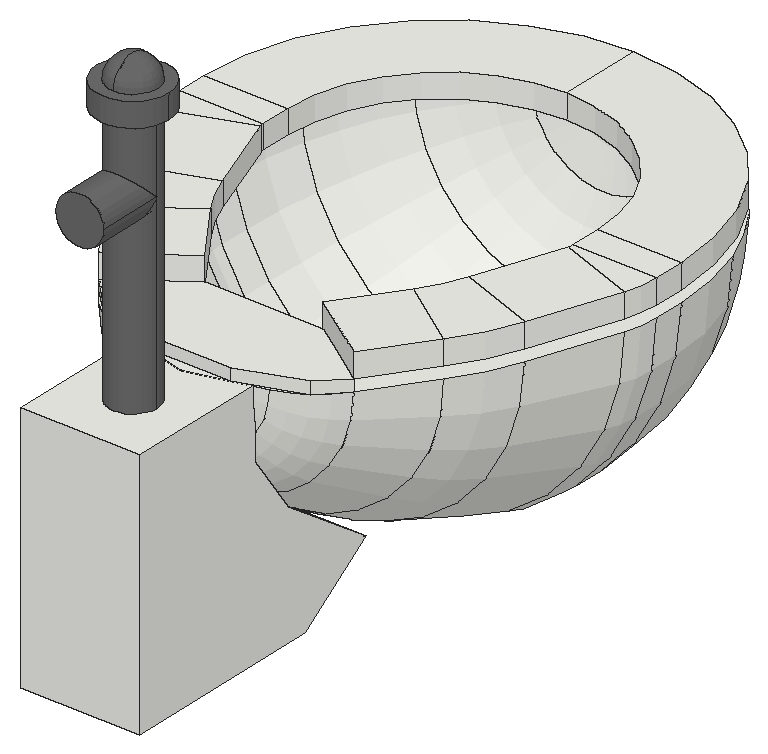
Revit family "Toilet-Commercial-Wall-3D2", category Plumbing Fixtures, host Wall, Revit 2013
Parameters (values of type "15" Seat Height")
  Assembly Code = "D2010110"
  Mounting Height = 1' - 3"
  Piping Material = Metal - Steel, Polished
  Toilet - Bowl Material = Porcelain - Ivory
  Toilet - Seat Material = Laminate - Ivory, Matte
Types (2): name | Mounting Height
  15" Seat Height | 1' - 3"
  19" Seat Height | 1' - 7"
Reference planes (in)
  plane 1: y = 0
  plane 2: x = 15.94107
  plane 3: y = 2
  plane 4: y = 32
  plane 5: z = 13.5
  plane 6: y = 21
  plane 7: y = 11
  plane 8: z = 15
  plane 9: z = 25.5
  plane 10: y = 4.77698
  plane 11: z = 0
Forms (in)
  Extrusion 1, solid, material "Porcelain - Ivory" <- "Toilet - Bowl Material"
    sketch origin (15.94107, 0, 0) x (0, -1, 0) y (0, 0, 1)
      loop
        line (-2, 13.5) -> (-8.0159, 13.5) -> (-8.0159, 10.60222) -> (-9.73663, 8.14477) -> (-13.83239, 5.27688) -> (-10.6632, 3) -> (-2, 3) -> (-2, 13.5)
    from -2.5 to 2.5
  Extrusion 2, solid, material "Metal - Steel, Polished" <- "Piping Material"
    sketch origin (13.44107, 2, 13.5) x (1, 0, 0) y (0, 1, 0)
      loop
        circle (2.5, 2.77698) r 1
    from 0 to 11
  Extrusion 3, solid, material "Metal - Steel, Polished" <- "Piping Material"
    sketch origin (0, 2, 0) x (1, 0, 0) y (0, 0, 1)
      loop
        circle (15.94107, 21.42564) r 1
    from 0 to -2.78125
  Extrusion 4, solid, material "Metal - Steel, Polished" <- "Piping Material"
    sketch origin (13.44107, 2, 24.5) x (1, 0, 0) y (0, 1, 0)
      loop
        circle (2.5, 2.77698) r 1.5
    from 0 to 1
  Revolve 5, solid, material "Metal - Steel, Polished" <- "Piping Material"
    sketch origin (15.94107, 0, 0) x (0, -1, 0) y (0, 0, 1)
      loop
        line (-5.78555, 25.5) -> (-4.77698, 25.5) -> (-4.77698, 26.50857)
        arc (-4.77698, 26.50857) -> (-5.49014, 26.21316) -> (-5.78555, 25.5) r 1.00857
      axis (-4.77698, 25.5) -> (-4.77698, 26.50857)
    angle from 0 to 360
  Revolve 6, solid, material "Porcelain - Ivory" <- "Toilet - Bowl Material"
    sketch origin (0, 0, 13.5) x (1, 0, 0) y (0, 1, 0)
      loop
        line (15.94107, 31) -> (15.94107, 30)
        arc (15.94107, 30) -> (17.5039, 29.86327) -> (19.01925, 29.45723) r 9
        arc (19.01925, 29.45723) -> (20.77677, 28.59052) -> (22.30503, 27.36396) r 9
        arc (22.30503, 27.36396) -> (23.53159, 25.8357) -> (24.3983, 24.07818) r 9
        arc (24.3983, 24.07818) -> (24.80434, 22.56283) -> (24.94107, 21) r 9
        line (24.94107, 21) -> (24.94107, 19.70531)
        arc (24.94107, 19.70531) -> (24.89549, 19.18436) -> (24.76015, 18.67925) r 3
        line (24.76015, 18.67925) -> (23.48959, 15.18842)
        arc (23.48959, 15.18842) -> (22.91009, 13.87141) -> (22.16364, 12.6413) r 11
        line (22.16364, 12.6413) -> (20.67216, 10.51124)
        arc (20.67216, 10.51124) -> (19.68986, 9.52894) -> (18.43083, 8.94185) r 4
        line (18.43083, 8.94185) -> (15.94107, 8.27472) -> (15.94107, 7.23944) -> (19.04122, 8.07012)
        arc (19.04122, 8.07012) -> (20.30025, 8.65722) -> (21.28255, 9.63952) r 4
        line (21.28255, 9.63952) -> (23.05831, 12.17557)
        arc (23.05831, 12.17557) -> (23.80475, 13.40567) -> (24.38425, 14.72269) r 11
        line (24.38425, 14.72269) -> (25.69984, 18.33723)
        arc (25.69984, 18.33723) -> (25.8803, 19.01072) -> (25.94107, 19.70531) r 4
        line (25.94107, 19.70531) -> (25.94107, 21)
        arc (25.94107, 21) -> (25.78915, 22.73648) -> (25.338, 24.4202) r 10
        arc (25.338, 24.4202) -> (24.37498, 26.373) -> (23.01214, 28.07107) r 10
        arc (23.01214, 28.07107) -> (21.31407, 29.43391) -> (19.36127, 30.39693) r 10
        arc (19.36127, 30.39693) -> (17.67755, 30.84808) -> (15.94107, 31) r 10
      axis (15.94107, 7.23944) -> (15.94107, 31)
    angle from 0 to 180
  Sweep 7, solid, material "Laminate - Ivory, Matte" <- "Toilet - Seat Material"
    path origin (0, 0, 13.5) x (1, 0, 0) y (0, 1, 0)
      loop
        line (21.28255, 9.63952) -> (23.05831, 12.17557)
        arc (23.05831, 12.17557) -> (23.80475, 13.40567) -> (24.38425, 14.72269) r 11
        line (24.38425, 14.72269) -> (25.69984, 18.33723)
        arc (25.69984, 18.33723) -> (25.8803, 19.01072) -> (25.94107, 19.70531) r 4
        line (25.94107, 19.70531) -> (25.94107, 21)
        arc (25.94107, 21) -> (23.01214, 28.07107) -> (15.94107, 31) r 10
        arc (15.94107, 31) -> (8.87, 28.07107) -> (5.94107, 21) r 10
        line (5.94107, 21) -> (5.94107, 19.70531)
        arc (5.94107, 19.70531) -> (6.00184, 19.01072) -> (6.1823, 18.33723) r 4
        line (6.1823, 18.33723) -> (7.49788, 14.72269)
        arc (7.49788, 14.72269) -> (8.07738, 13.40567) -> (8.82383, 12.17557) r 11
        line (8.82383, 12.17557) -> (10.59959, 9.63952)
    profile origin (0, 20.35265, 13.5) x (-1, 0, 0) y (0, 0, 1)
      loop
        line (-25.94107, 0.5) -> (-22.44107, 0.5) -> (-22.44107, 1.5) -> (-25.94107, 1.5) -> (-25.94107, 0.5)
  Extrusion 8, solid, material "Porcelain - Ivory" <- "Toilet - Bowl Material"
    sketch origin (15.94107, 21, 15) x (1, 0, 0) y (0, 1, 0)
      loop
        line (-2.47445, -9.35296) -> (-5.34148, -11.36048) -> (-4.35918, -12.34278) -> (-1.7583, -13.28943) -> (1.7583, -13.28943) -> (4.35918, -12.34278) -> (5.34148, -11.36048) -> (2.47445, -9.35296) -> (-2.47445, -9.35296)
    from -1 to -1.5
Lines and regions (in)
  Masking region 1
    outline origin (0, 0, 0) x (1, 0, 0) y (0, 1, 0)
      loop
        arc (23.05831, 12.17557) -> (23.80475, 13.40567) -> (24.38425, 14.72269) r 11
        line (24.38425, 14.72269) -> (25.69984, 18.33723)
        arc (25.69984, 18.33723) -> (25.8803, 19.01072) -> (25.94107, 19.70531) r 4
        line (25.94107, 19.70531) -> (25.94107, 21)
        arc (25.94107, 21) -> (23.01214, 28.07107) -> (15.94107, 31) r 10
        arc (15.94107, 31) -> (8.87, 28.07107) -> (5.94107, 21) r 10
        line (5.94107, 21) -> (5.94107, 19.70531)
        arc (5.94107, 19.70531) -> (6.00184, 19.01072) -> (6.1823, 18.33723) r 4
        line (6.1823, 18.33723) -> (7.49788, 14.72269)
        arc (7.49788, 14.72269) -> (8.07738, 13.40567) -> (8.82383, 12.17557) r 11
        line (8.82383, 12.17557) -> (10.59959, 9.63952)
        arc (10.59959, 9.63952) -> (11.83868, 8.49166) -> (13.44107, 7.95756) r 4
        line (13.44107, 7.95756) -> (13.44107, 2) -> (18.44107, 2) -> (18.44107, 7.95756)
        arc (18.44107, 7.95756) -> (20.04346, 8.49166) -> (21.28255, 9.63952) r 4
        line (21.28255, 9.63952) -> (23.05831, 12.17557)
  symbolic lines
    curve 1: line (13.46662, 11.64704, 0) -> (11.69086, 14.18308, 0)
    curve 2: line (20.19128, 14.18308, 0) -> (18.41552, 11.64704, 0)
    curve 3: line (13.46662, 11.64704, 0) -> (10.59959, 9.63952, 0)
    curve 4: line (21.28255, 9.63952, 0) -> (18.41552, 11.64704, 0)
    curve 5: arc (10.78681, 15.91976, 0) -> (11.18192, 15.02179, 0) -> (11.69086, 14.18308, 0) r 7.5
    curve 6: line (10.78681, 15.91976, 0) -> (9.47122, 19.5343, 0)
    curve 7: line (9.44107, 19.70531, 0) -> (9.44107, 21, 0)
    curve 8: arc (15.94107, 27.5, 0) -> (11.34487, 25.59619, 0) -> (9.44107, 21, 0) r 6.5
    curve 9: arc (22.44107, 21, 0) -> (20.53726, 25.59619, 0) -> (15.94107, 27.5, 0) r 6.5
    curve 10: line (22.44107, 21, 0) -> (22.44107, 19.70531, 0)
    curve 11: line (22.41092, 19.5343, 0) -> (21.09533, 15.91976, 0)
    curve 12: arc (22.41092, 19.5343, 0) -> (22.43347, 19.61848, 0) -> (22.44107, 19.70531, 0) r 0.5
    curve 13: arc (20.19128, 14.18308, 0) -> (20.70022, 15.02179, 0) -> (21.09533, 15.91976, 0) r 7.5
    curve 14: arc (14.44107, 4.77698, 0) -> (15.94107, 3.27698, 0) -> (17.44107, 4.77698, 0) r 1.5
    curve 15: arc (17.44107, 4.77698, 0) -> (15.94107, 6.27698, 0) -> (14.44107, 4.77698, 0) r 1.5
    curve 16: line (14.94107, 2, 0) -> (14.94107, 3.65895, 0)
    curve 17: line (16.94107, 2, 0) -> (16.94107, 3.65895, 0)
    curve 18: circle (15.94107, 4.78125, 0) r 0.99581 normal (0, 0, 1)
    curve 19: line (18.41552, 11.64704, 0) -> (13.46662, 11.64704, 0)
    curve 20: arc (13.44107, 7.95756, 0) -> (15.94107, 7.70752, 0) -> (18.44107, 7.95756, 0) r 12.6227
Text (in)
  text "Placement Side" at (0, 40.15149, 123.01588), in view "Right"
  text "Placement Side, matches cursor" at (-30.92805, 50.76595, 0), in view "Floor Line"
  text "Placement Side" at (0, 47.49176, 61.18918), in view "Left"
Dimensions and locks (in)
  locked: plane 3 to plane 6 at 19
  locked: plane 3 to plane 7 at 9
  locked: plane 8 to plane 5 at 1.5
  locked: plane 8 to plane 9 at 10.5
  locked: plane 3 to plane 10 at 2.77698
  locked: Extrusion 1 sketch curve to plane 5 at 10.5
  "Mounting Height": plane 8 to plane 11
  aligned and locked: plane 3 to host wall
  aligned and locked: Masking region 1 sketch curve to Sweep 7  (x6)
  aligned and locked: Masking region 1 sketch curve to Revolve 6
  aligned and locked: curve 1 to Sweep 7
  aligned and locked: curve 2 to Sweep 7
  aligned and locked: curve 3 to Extrusion 8
  aligned and locked: curve 4 to Extrusion 8
  aligned and locked: curve 7 to Sweep 7
  aligned and locked: curve 9 to Sweep 7
  aligned and locked: curve 11 to Sweep 7
  aligned and locked: curve 14 to Extrusion 4
  aligned and locked: curve 19 to Extrusion 8
  aligned and locked: Sweep 7 sketch curve to plane 8
  aligned and locked: plane 5 to Extrusion 8
  aligned: Extrusion 8 to Sweep 7
  aligned and locked: level to plane 11
Automatic sketch dimensions
  Extrusion 1 sketch curve to plane 5 = 0' - 0"
  Extrusion 1 sketch curve to plane 3 = 0' - 0"
  plane 7 to Extrusion 1 sketch curve = 0' - 2.9841"
  plane 7 to Extrusion 1 sketch curve = 0' - 1.26337"
  plane 7 to Extrusion 1 sketch curve = 0' - 0.3368"
  Extrusion 1 sketch curve to plane 7 = 0' - 2.83239"
  plane 5 to Extrusion 1 sketch curve = 0' - 2.89778"
  Extrusion 1 sketch curve to Extrusion 1 sketch curve = 0' - 2.45746"
  Extrusion 1 sketch curve to Extrusion 1 sketch curve = 0' - 2.86788"
  Extrusion 2 sketch curve to plane 2 = 0' - 0"
  Extrusion 2 sketch curve to Extrusion 2 sketch curve = 0' - 1"
  Extrusion 2 sketch curve to plane 3 = 0' - 2.77698"
  Extrusion 3 sketch curve to plane 2 = 0' - 0"
  plane 2 to Extrusion 3 sketch curve = 0' - 1"
  Extrusion 3 sketch curve to plane 5 = 0' - 7.92564"
  Extrusion 4 sketch curve to plane 2 = 0' - 0"
  Extrusion 4 sketch curve to Extrusion 4 sketch curve = 0' - 1 1/2"
  Extrusion 4 sketch curve to plane 3 = 0' - 2.77698"
  Revolve 5 sketch curve to plane 9 = 0' - 0"
  Revolve 5 sketch curve to plane 10 = 0' - 0"  (x2)
  Revolve 5 sketch curve to Revolve 5 sketch curve = 0' - 1.00857"
  Revolve 5 sketch curve to Revolve 5 sketch curve = 0' - 1.53583"
  Revolve 5 sketch curve to Revolve 5 sketch curve = 0' - 1"
  Revolve 6 sketch curve to plane 2 = 0' - 0"  (x9)
  Revolve 6 sketch curve to plane 6 = 0' - 0"  (x8)
  plane 2 to Revolve 6 sketch curve = 0' - 1.89343"
  Revolve 6 sketch curve to plane 2 = 0' - 1.45448"
  Revolve 6 sketch curve to Revolve 6 sketch curve = 0' - 0.61039"  (x3)
  Revolve 6 sketch curve to plane 2 = 0' - 2.48976"
  Revolve 6 sketch curve to Revolve 6 sketch curve = 0' - 0.34202"  (x2)
  plane 7 to Revolve 6 sketch curve = 0' - 0.48876"
  Revolve 6 sketch curve to Revolve 6 sketch curve = 0' - 2.24133"
  plane 7 to Revolve 6 sketch curve = 0' - 1.36048"
  plane 6 to Revolve 6 sketch curve = 0' - 1.29469"
  Revolve 6 sketch curve to Revolve 6 sketch curve = 0' - 4"
  Revolve 6 sketch curve to Revolve 6 sketch curve = 0' - 0"
  Revolve 6 sketch curve to Revolve 6 sketch curve = 0' - 1.49148"
  Revolve 6 sketch curve to Revolve 6 sketch curve = 0' - 0.70711"
  Revolve 6 sketch curve to plane 7 = 0' - 1.17557"
  Revolve 6 sketch curve to Revolve 6 sketch curve = 0' - 0.89466"  (x3)
  Revolve 6 sketch curve to plane 7 = 0' - 4.18842"
  Revolve 6 sketch curve to Revolve 6 sketch curve = 0' - 1.32595"
  Revolve 6 sketch curve to Revolve 6 sketch curve = 0' - 0.93969"  (x2)
  Revolve 6 sketch curve to Revolve 6 sketch curve = 0' - 0.18092"
  Revolve 6 sketch curve to Revolve 6 sketch curve = 0' - 1.5694"
  Revolve 6 sketch curve to Revolve 6 sketch curve = 0' - 0.66713"
  Revolve 6 sketch curve to Revolve 6 sketch curve = 0' - 0.87172"
  Revolve 6 sketch curve to Revolve 6 sketch curve = 0' - 1.03528"
  Revolve 6 sketch curve to Revolve 6 sketch curve = 0' - 3.07818"
  Revolve 6 sketch curve to Revolve 6 sketch curve = 0' - 2.09327"
  Revolve 6 sketch curve to Revolve 6 sketch curve = 0' - 4.14214"
  Revolve 6 sketch curve to Revolve 6 sketch curve = 0' - 4.02829"
  Revolve 6 sketch curve to Revolve 6 sketch curve = 0' - 1.54852"
  plane 6 to Revolve 6 sketch curve = 0' - 6.27731"
  Revolve 6 sketch curve to Revolve 6 sketch curve = 0' - 3.28578"
  Revolve 6 sketch curve to Revolve 6 sketch curve = 0' - 1.18092"
  Revolve 6 sketch curve to Revolve 6 sketch curve = 0' - 0.46573"
  Sweep 7 sketch curve to plane 6 = 0' - 0"  (x2)
  Sweep 7 sketch curve to plane 2 = 0' - 0"
  plane 2 to Sweep 7 sketch curve = 0' - 1.89343"
  plane 6 to Sweep 7 sketch curve = 0' - 1.29469"  (x2)
  Sweep 7 sketch curve to Sweep 7 sketch curve = 0' - 4.10657"
  Sweep 7 sketch curve to plane 7 = 0' - 1.17557"  (x2)
  Sweep 7 sketch curve to Sweep 7 sketch curve = 0' - 1.77576"  (x2)
  Sweep 7 sketch curve to Sweep 7 sketch curve = 0' - 1.32595"  (x2)
  plane 6 to Sweep 7 sketch curve = 0' - 2.66277"
  Sweep 7 sketch curve to Sweep 7 sketch curve = 0' - 1.31559"
  Sweep 7 sketch curve to plane 2 = 0' - 1.89343"
  Sweep 7 sketch curve to Sweep 7 sketch curve = 0' - 4"
  Sweep 7 sketch curve to Sweep 7 sketch curve = 0' - 0.24123"
  Sweep 7 sketch curve to Sweep 7 sketch curve = 0' - 2.54712"  (x2)
  plane 2 to Sweep 7 sketch curve = 0' - 7.11724"
  plane 7 to Sweep 7 sketch curve = 0' - 1.36048"  (x2)
  Sweep 7 sketch curve to plane 2 = 0' - 5.34148"
  plane 7 to Extrusion 8 sketch curve = 0' - 1.36048"  (x2)
  plane 2 to Extrusion 8 sketch curve = 0' - 5.34148"
  Extrusion 8 sketch curve to Extrusion 8 sketch curve = 0' - 0.9823"  (x4)
  Extrusion 8 sketch curve to plane 7 = 0' - 0.64704"
  plane 2 to Extrusion 8 sketch curve = 0' - 2.47445"
  plane 2 to Extrusion 8 sketch curve = 0' - 1.7583"
  Extrusion 8 sketch curve to plane 2 = 0' - 1.7583"
  Extrusion 8 sketch curve to plane 2 = 0' - 2.47445"
  Extrusion 8 sketch curve to Extrusion 8 sketch curve = 0' - 2.60088"
  Extrusion 8 sketch curve to Extrusion 8 sketch curve = 0' - 0.94664"
  Masking region 1 sketch curve to host wall = 0' - 0"
  plane 6 to Masking region 1 sketch curve = 0' - 2.66277"
  Masking region 1 sketch curve to plane 7 = 0' - 3.72269"
  Masking region 1 sketch curve to plane 7 = 0' - 1.17557"  (x2)
  plane 6 to Masking region 1 sketch curve = 0' - 1.29469"  (x2)
  plane 7 to Masking region 1 sketch curve = 0' - 1.36048"  (x2)
  plane 2 to Masking region 1 sketch curve = 0' - 2 1/2"
  plane 2 to Masking region 1 sketch curve = 0' - 1.89343"
  Masking region 1 sketch curve to plane 2 = 0' - 1.89343"
  Masking region 1 sketch curve to plane 2 = 0' - 2.06487"
  Masking region 1 sketch curve to plane 2 = 0' - 2 1/2"
  Masking region 1 sketch curve to Masking region 1 sketch curve = 0' - 2.84148"
  Masking region 1 sketch curve to Masking region 1 sketch curve = 0' - 1.77576"
  Masking region 1 sketch curve to Masking region 1 sketch curve = 0' - 1.32595"
  Masking region 1 sketch curve to Masking region 1 sketch curve = 0' - 0.24123"
  Masking region 1 sketch curve to Masking region 1 sketch curve = 0' - 1.68196"
  curve 16 to host wall = 0' - 0"
  curve 20 to plane 2 = 0' - 0"
  curve 18 to plane 2 = 0' - 0"
  curve 17 to host wall = 0' - 0"
  plane 6 to curve 6 = 0' - 1.4657"
  curve 7 to curve 6 = 0' - 0.03015"
  plane 7 to curve 3 = 0' - 1.36048"
  curve 6 to curve 6 = 0' - 1.31559"
  curve 5 to curve 5 = 0' - 0.90405"
  plane 2 to curve 20 = 0' - 2 1/2"
  plane 2 to curve 13 = 0' - 1.89343"
  plane 2 to curve 16 = 0' - 1"
  curve 17 to plane 2 = 0' - 1"
  curve 5 to plane 2 = 0' - 1.89343"
  curve 20 to plane 2 = 0' - 2 1/2"
  curve 2 to curve 13 = 0' - 1.77576"
  curve 11 to plane 7 = 0' - 4.91976"
  plane 7 to curve 4 = 0' - 1.36048"
  curve 12 to curve 10 = 0' - 0 1/2"
  plane 6 to curve 11 = 0' - 1.4657"
  curve 14 to curve 18 = 0' - 0.00427"
  plane 7 to curve 20 = 0' - 3.04244"
  curve 5 to curve 5 = 0' - 1.73667"
  curve 6 to curve 7 = 0' - 0.17101"
  plane 6 to curve 20 = 0' - 0.66979"
  Sweep 7 sketch curve to profile plane = 0' - 0"
  Sweep 7 sketch curve to Sweep 7 sketch curve = 0' - 3 1/2"
  Sweep 7 sketch curve to plane 5 = 0' - 0 1/2"
  radius of curve 18 = 0' - 0.99581"
